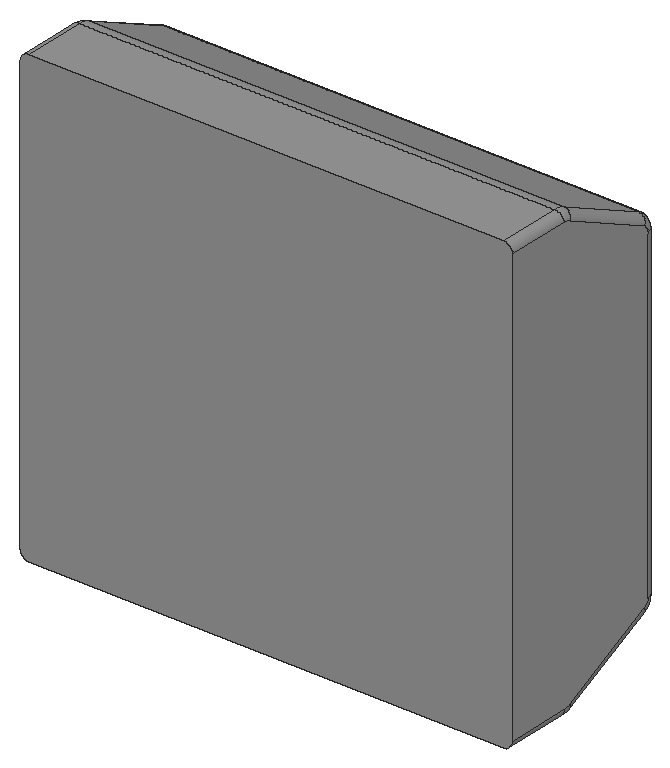
Revit family "706150001_Dispensador de Toallas", category Plumbing Fixtures, host Wall, Revit 2020
Family settings
  Host = Wall
  Round Connector Dimension = Use Diameter
  Part Type = Normal
  OmniClass Number = 23.21.43.15.25
  OmniClass Title = Paper Towel Dispensers
  Always vertical = Yes
  Cut with Voids When Loaded = No
  Shared = No
  Room Calculation Point = No
Parameters (values of type "Type 1")
  Uso = "Institucional"  # constant formula
  URL = "https://corona.co/productos/accesorios/dispensador-de-toallas/p/706150001"
  Tipo de instalación = "A pared"  # constant formula
  Resistencia = "Resistente a la corrosión pelado y decoloración por agua. Resistente al efecto de jabones y limpiadores de tocador"  # constant formula
  Referencia = "706150001"  # constant formula
  Profundidad = 102 mm
  Model = "Dispensador de Toallas"  # constant formula
  Material 2 = Corona_Acero_Negro Mate
  Material = Corona_Acero inoxidable
  Manufacturer = "Corona"  # constant formula
  Línea = "Accesorios Institucionales"  # constant formula
  Garantía Acabados = "3 Años"  # constant formula
  Garantía = "1 Año"  # constant formula
  Fecha de creación = "15/04/2021"  # constant formula
  Description = "Compra hoy el dispensador de toallas con sistema antivandálico con llave, es la solución perfecta para espacios de alto tráfico, además está elaborado en acero inoxidable 304."  # constant formula
  Default Elevation = 0 mm
  Creado por = "BIMBAU"  # constant formula
  Colección = "Descarga Muro"  # constant formula
  Ancho = 282 mm
  Alto = 260 mm
Reference planes
  plane 1 "Wall": y = 0
  plane 2 "Center (Left/Right)": x = 125
  plane 3 "Back": y = 75
  plane 4: z = 1000
  plane 5: z = 1260
  plane 6: x = -16
  plane 7: x = 266
  plane 8: z = 1130
  plane 9: y = 177
Forms (mm)
  Extrusion 1, solid, detail levels coarse
    sketch origin (0, 0, 0) x (1, 0, 0) y (0, 0, 1)
      loop
        line (266, 1260) -> (-16, 1260) -> (-16, 1000) -> (266, 1000) -> (266, 1260)
    from -75 to -177
Text (mm)
  text "Placement Side" at (-1848.837, 1116.779, 0), in view "Ref. Level"
  text "Placement side" at (0, 1409.804, 2854.306), in view "Left"
  text "Placement side" at (0, 499.811, 2980.732), in view "Right"
Dimensions and locks
  locked: plane 3 "Back" to host wall
  equal spacing: plane 7, plane 2 "Center (Left/Right)", plane 6
  "Ancho": plane 7 to plane 6
  "Alto": plane 4 to plane 5
  equal spacing: plane 4, plane 8, plane 5
  "Profundidad": plane 9 to host wall
  aligned and locked: plane 1 "Wall" to host wall
  aligned and locked: nested 1 to host wall
Automatic sketch dimensions
  Extrusion 1 sketch curve to plane 5 = 0 mm
  plane 6 to Extrusion 1 sketch curve = 0 mm
  Extrusion 1 sketch curve to plane 4 = 0 mm
  Extrusion 1 sketch curve to plane 7 = 0 mm
Nested families
  nested 1: "Dispensador de Toallas" at (125, 126, 1000) x (-1, 0, 0) z (0, 0, 1), type "Dispensador de Toallas", detail levels medium+fine
  nested 2: "Frontal" at (125, 0, 1130) x (1, 0, 0) z (0, -1, 0), type "Frontal"
  nested 3: "Lateral" at (125, 126, 1130) x (0, 1, 0) z (1, 0, 0), type "Lateral"
  nested 4: "Dispensador de Toallas" at (125, 126, 1000) x (-1, 0, 0) z (0, 0, 1), type "Dispensador de Toallas", not visible, detail levels medium+fine
Definition of nested family "Dispensador de Toallas"
  Parameters (values of type "Dispensador de Toallas")
    Material 2 = none
    Material = none
    Default Elevation = 0 mm
  Reference planes
    plane 1 "Center (Front/Back)": y = 0
    plane 2: z = 0
    plane 3 "Center (Left/Right)": x = 0
    plane 4: y = 51
    plane 5: y = -51
    plane 6: z = 260
    plane 7: z = 130
    plane 8: x = 141
    plane 9: x = -141
  Forms (mm)
    Extrusion 1, solid, material <- "Material"
      sketch origin (0, 0, 0) x (0, 1, 0) y (0, 0, 1)
        loop
          line (51, 260) -> (14.438, 260)
          arc (14.438, 260) -> (11.087, 259.621) -> (7.905, 258.502) r 15
          line (7.905, 258.502) -> (-45.356, 232.731)
          arc (-45.356, 232.731) -> (-49.472, 229.042) -> (-51, 223.73) r 10
          line (-51, 223.73) -> (-51, 36.27)
          arc (-51, 36.27) -> (-49.472, 30.958) -> (-45.356, 27.269) r 10
          line (-45.356, 27.269) -> (7.905, 1.498)
          arc (7.905, 1.498) -> (11.087, 0.379) -> (14.438, 0) r 15
          line (14.438, 0) -> (51, 0) -> (51, 260)
      from -141 to 141
    Sweep 2, void
      path in 3D
        loop
          line (-141, 51, 0) -> (-141, 14.438, 0)
          arc (-141, 14.438, 0) -> (-141, 11.087, 0.379) -> (-141, 7.905, 1.498) r 15
          line (-141, 7.905, 1.498) -> (-141, -45.356, 27.269)
          arc (-141, -45.356, 27.269) -> (-141, -49.472, 30.958) -> (-141, -51, 36.27) r 10
          line (-141, -51, 36.27) -> (-141, -51, 223.73)
          arc (-141, -51, 223.73) -> (-141, -49.472, 229.042) -> (-141, -45.356, 232.731) r 10
          line (-141, -45.356, 232.731) -> (-141, 7.905, 258.502)
          arc (-141, 7.905, 258.502) -> (-141, 11.087, 259.621) -> (-141, 14.438, 260) r 15
          line (-141, 14.438, 260) -> (-141, 51, 260)
      profile origin (-141, 32.719, 260) x (-1, 0, 0) y (0, 0, 1)
        loop
          line (0, 0) -> (-5, 0)
          arc (-5, 0) -> (-1.464, -1.464) -> (0, -5) r 5
          line (0, -5) -> (0, 0)
    Sweep 3, void
      path in 3D
        loop
          line (141, 51, 0) -> (141, 14.438, 0)
          arc (141, 14.438, 0) -> (141, 11.087, 0.379) -> (141, 7.905, 1.498) r 15
          line (141, 7.905, 1.498) -> (141, -45.356, 27.269)
          arc (141, -45.356, 27.269) -> (141, -49.472, 30.958) -> (141, -51, 36.27) r 10
          line (141, -51, 36.27) -> (141, -51, 223.73)
          arc (141, -51, 223.73) -> (141, -49.472, 229.042) -> (141, -45.356, 232.731) r 10
          line (141, -45.356, 232.731) -> (141, 7.905, 258.502)
          arc (141, 7.905, 258.502) -> (141, 11.087, 259.621) -> (141, 14.438, 260) r 15
          line (141, 14.438, 260) -> (141, 51, 260)
      profile origin (141, 32.719, 260) x (-1, 0, 0) y (0, 0, 1)
        loop
          line (0, 0) -> (0, -5)
          arc (0, -5) -> (1.464, -1.464) -> (5, 0) r 5
          line (5, 0) -> (0, 0)
    Extrusion 4, void
      sketch origin (0, 0, 0) x (1, 0, 0) y (0, 0, 1)
        loop
          arc (2.085, 84.689) -> (0, 86.599) -> (-2.085, 84.689) r 2.093
          line (-2.085, 84.689) -> (-4.981, 51.589)
          arc (-4.981, 51.589) -> (0, 46.153) -> (4.981, 51.589) r 5
          line (4.981, 51.589) -> (2.085, 84.689)
      from 50.453 to 58.44
    Extrusion 5, void
      sketch origin (0, 8.75, 0) x (1, 0, 0) y (0, 1, 0)
        loop
          arc (-113.649, 33.108) -> (-118.952, 30.911) -> (-121.149, 25.608) r 7.5
          line (-121.149, 25.608) -> (-121.149, 23.108)
          arc (-121.149, 23.108) -> (-118.952, 17.805) -> (-113.649, 15.608) r 7.5
          line (-113.649, 15.608) -> (116.351, 15.608)
          arc (116.351, 15.608) -> (121.654, 17.805) -> (123.851, 23.108) r 7.5
          line (123.851, 23.108) -> (123.851, 25.608)
          arc (123.851, 25.608) -> (121.654, 30.911) -> (116.351, 33.108) r 7.5
          line (116.351, 33.108) -> (-113.649, 33.108)
      from -18.618 to 130
  Cuts and joins
    Sweep 2, Sweep 3, Extrusion 4, Extrusion 5 cuts Extrusion 1
  Lines and regions (mm)
    sketch lines
      curve 1: line (-141, 14.438, 260) -> (-141, 51, 260)
      curve 2: arc (-141, 14.438, 260) -> (-141, 11.087, 259.621) -> (-141, 7.905, 258.502) r 15
      curve 3: line (-141, -45.356, 232.731) -> (-141, 7.905, 258.502)
      curve 4: arc (-141, -45.356, 232.731) -> (-141, -49.472, 229.042) -> (-141, -51, 223.73) r 10
      curve 5: line (-141, -51, 36.27) -> (-141, -51, 223.73)
      curve 6: arc (-141, -51, 36.27) -> (-141, -49.472, 30.958) -> (-141, -45.356, 27.269) r 10
      curve 7: line (-141, 7.905, 1.498) -> (-141, -45.356, 27.269)
      curve 8: arc (-141, 7.905, 1.498) -> (-141, 11.087, 0.379) -> (-141, 14.438, 0) r 15
      curve 9: line (-141, 51, 0) -> (-141, 14.438, 0)
      curve 10: line (141, 14.438, 260) -> (141, 51, 260)
      curve 11: arc (141, 14.438, 260) -> (141, 11.087, 259.621) -> (141, 7.905, 258.502) r 15
      curve 12: line (141, -45.356, 232.731) -> (141, 7.905, 258.502)
      curve 13: arc (141, -45.356, 232.731) -> (141, -49.472, 229.042) -> (141, -51, 223.73) r 10
      curve 14: line (141, -51, 36.27) -> (141, -51, 223.73)
      curve 15: arc (141, -51, 36.27) -> (141, -49.472, 30.958) -> (141, -45.356, 27.269) r 10
      curve 16: line (141, 7.905, 1.498) -> (141, -45.356, 27.269)
      curve 17: arc (141, 7.905, 1.498) -> (141, 11.087, 0.379) -> (141, 14.438, 0) r 15
      curve 18: line (141, 51, 0) -> (141, 14.438, 0)
  Dimensions and locks
    plane 9 to plane 8 = 282 mm
    plane 6 to level = 260 mm
    plane 4 to plane 5 = 102 mm
    aligned and locked: level to plane 2
Definition of nested family "Frontal"
  Reference planes
    plane 1 "Center (Front/Back)": y = 0
    plane 2: z = 0
    plane 3 "Center (Left/Right)": x = 0
    plane 4: x = 141
    plane 5: x = -141
    plane 6: y = 130
    plane 7: y = -130
  Lines and regions (mm)
    Filled region 1, type "Concrete", in view "Ref. Level"
      outline origin (0, 0, 0) x (1, 0, 0) y (0, 1, 0)
        loop
          line (-8.576, 125.039) -> (-136, 125.039)
          arc (-136, 125.039) -> (-139.536, 123.574) -> (-141, 120.039) r 5
          line (-141, 120.039) -> (-141, -125)
          arc (-141, -125) -> (-139.536, -128.536) -> (-136, -130) r 5
          line (-136, -130) -> (136, -130)
          arc (136, -130) -> (139.536, -128.536) -> (141, -125) r 5
          line (141, -125) -> (141, 120.039)
          arc (141, 120.039) -> (139.536, 123.574) -> (136, 125.039) r 5
          line (136, 125.039) -> (7.648, 125.039)
          arc (7.648, 125.039) -> (-0.464, 130.012) -> (-8.576, 125.039) r 9.103
    detail lines, in view "Ref. Level"
      curve 1: line (-141, 100, 0) -> (141, 100, 0)
      curve 2: line (-141, -100, 0) -> (141, -100, 0)
      curve 3: line (-2.565, -58.431, 0) -> (-4.441, -85.254, 0)
      curve 4: line (2.565, -58.431, 0) -> (4.441, -85.254, 0)
      curve 5: arc (-4.441, -85.254, 0) -> (0, -89.695, 0) -> (4.441, -85.254, 0) r 4.441
      curve 6: arc (-2.565, -58.431, 0) -> (0, -55.866, 0) -> (2.565, -58.431, 0) r 2.565
      curve 7: line (-8.576, 125.039, 0) -> (7.648, 125.039, 0)
      curve 8: line (-0.464, 130.012, 0) -> (-0.464, 125.039, 0)
  Dimensions and locks
    plane 5 to plane 4 = 282 mm
    plane 7 to plane 6 = 260 mm
Definition of nested family "Lateral"
  Reference planes
    plane 1 "Center (Front/Back)": y = 0
    plane 2: z = 0
    plane 3 "Center (Left/Right)": x = 0
    plane 4: y = 130
    plane 5: y = -130
    plane 6: x = 51
    plane 7: x = -51
  Lines and regions (mm)
    Filled region 1, type "Concrete", in view "Ref. Level"
      outline origin (0, 0, 0) x (1, 0, 0) y (0, 1, 0)
        loop
          line (-51, 126.305) -> (-51, -130) -> (-17.906, -130)
          arc (-17.906, -130) -> (-14.09, -129.633) -> (-10.414, -128.544) r 20
          line (-10.414, -128.544) -> (47.873, -104.994)
          arc (47.873, -104.994) -> (50.145, -103.154) -> (51, -100.358) r 5
          line (51, -100.358) -> (51, 96.615)
          arc (51, 96.615) -> (50.134, 99.428) -> (47.835, 101.266) r 5
          line (47.835, 101.266) -> (-13.848, 125.607)
          arc (-13.848, 125.607) -> (-15.65, 126.129) -> (-17.518, 126.305) r 10
          line (-17.518, 126.305) -> (-19.262, 126.305)
          arc (-19.262, 126.305) -> (-27.631, 130.956) -> (-36, 126.305) r 9.855
          line (-36, 126.305) -> (-51, 126.305)
    detail lines, in view "Ref. Level"
      curve 1: line (-36, 126.305, 0) -> (-19.262, 126.305, 0)
      curve 2: line (-27.631, 126.305, 0) -> (-27.631, 130.956, 0)
  Dimensions and locks
    plane 7 to plane 6 = 102 mm
    plane 4 to plane 5 = 260 mm
